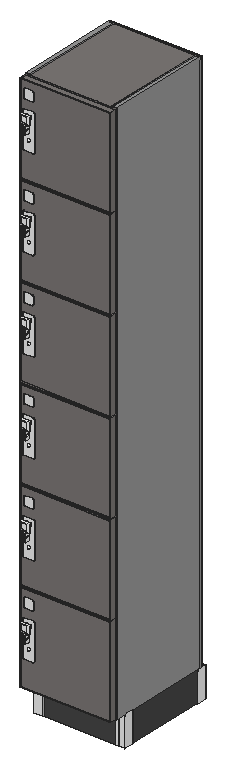
Revit family "Wood_Lockers_Hasps-Salsbury_Industries-46000_Series-1_Wide_Units.rfa", category Specialty Equipment, Revit 2016 (continued)
Definition of nested family "Premier Locker Doors_Hasp"
  Dimensions and locks (in)
    locked: plane 38 "Inner Knob" to plane 39 "Front of Knob" at 0.031
    locked: plane 40 to plane 20 "Top of Lock" at 1.125
    locked: plane 21 "Bottom of Lock" to plane 41 at 1.125
    locked: plane 20 "Top of Lock" to plane 42 at 0.125
    locked: plane 18 "Right Side of Lock" to plane 43 at 0.125
    locked: plane 44 to plane 17 "Left Side of Lock" at 0.125
    plane 42 to plane 45 = 1.250"
    locked: plane 45 to plane 46 "Top of Hole" at 0.125
    plane 48 to plane 30 "Center of Lock" to plane 47 = 0.188" locked, 0.188" locked
    locked: plane 46 "Top of Hole" to plane 49 "Bottom of Hole" at 1.25
    plane 49 "Bottom of Hole" to plane 50 "Stud Alignment" = 0.750"
    locked: plane 42 to plane 51 "Center of Handle" at 0.625
    plane 52 to plane 51 "Center of Handle" to plane 53 = 0.188" locked, 0.188" locked
    plane 7 "Front of Door" to plane 39 "Front of Knob" = 0.750"
    locked: plane 42 to plane 54 at 0.22204
    locked: plane 55 to plane 45 at 0.22204
    locked: plane 7 "Front of Door" to plane 56 "Front of Latch" at 0.625
    locked: plane 57 to plane 58 at 1
    locked: plane 46 "Top of Hole" to plane 57 at 0.1281
    equal spacing: plane 58, plane 59, plane 57
    locked: plane 60 to plane 5 "Right Side of Door" at 0.594
    locked: plane 57 to plane 61 at 0.0599
    locked: plane 62 to plane 58 at 0.06376
    plane 12 "Bottom of Number Tag" to plane 20 "Top of Lock" = 1.1875"
    aligned and locked: level to plane 2
    aligned and locked: Extrusion 5 to plane 11 "Top of Number Tag"
    aligned and locked: plane 12 "Bottom of Number Tag" to Extrusion 5
    aligned and locked: Extrusion 5 to plane 14 "Right Side of Number Tag"
    aligned and locked: Extrusion 5 to plane 13 "Left Side of Number Tag"
    aligned and locked: plane 29 "Back of Number Plate Inset" to Extrusion 5
    aligned and locked: plane 7 "Front of Door" to Extrusion 5
    aligned and locked: plane 29 "Back of Number Plate Inset" to Extrusion 6
    aligned and locked: plane 7 "Front of Door" to Extrusion 6
    aligned and locked: Extrusion 6 to plane 14 "Right Side of Number Tag"
    aligned and locked: Extrusion 6 to plane 13 "Left Side of Number Tag"
    aligned and locked: Extrusion 6 to plane 11 "Top of Number Tag"
    aligned and locked: plane 12 "Bottom of Number Tag" to Extrusion 6
    aligned and locked: curve 9 to Extrusion 8
    aligned and locked: curve 10 to Extrusion 8
    aligned and locked: curve 11 to Extrusion 8
    aligned and locked: Extrusion 7 to curve 12
    aligned and locked: curve 14 to Extrusion 7
    aligned and locked: curve 16 to plane 7 "Front of Door"
    aligned and locked: curve 19 to Extrusion 8  (x2)
    aligned and locked: curve 21 to Extrusion 8
    aligned and locked: curve 18 to curve 22
    aligned and locked: curve 22 to Extrusion 9  (x2)
    aligned and locked: curve 24 to Extrusion 9
    aligned and locked: curve 25 to Extrusion 10
    aligned and locked: curve 26 to Extrusion 10
    aligned and locked: curve 27 to Extrusion 10
    aligned and locked: plane 20 "Top of Lock" to Extrusion 11 sketch curve
    aligned and locked: Extrusion 11 sketch curve to plane 21 "Bottom of Lock"
    aligned and locked: Extrusion 11 to plane 29 "Back of Number Plate Inset"
    aligned and locked: plane 7 "Front of Door" to Extrusion 11
    aligned and locked: Extrusion 3 to Extrusion 11
    aligned and locked: plane 50 "Stud Alignment" to Sweep 14  (x2)
    aligned and locked: Extrusion 15 to plane 7 "Front of Door"
    aligned and locked: Extrusion 15 to plane 22 "Front of Hasp Stud"
    aligned and locked: plane 50 "Stud Alignment" to Extrusion 15
    aligned and locked: Blend 17 to plane 39 "Front of Knob"
    aligned and locked: plane 38 "Inner Knob" to Blend 17
    aligned and locked: plane 6 "Back of Door" to Extrusion 18 sketch curve
    aligned and locked: plane 56 "Front of Latch" to Extrusion 18 sketch curve
    aligned and locked: Extrusion 18 to plane 57
    aligned and locked: plane 58 to Extrusion 18
    aligned and locked: plane 59 to cut or joined group of Extrusion 18, Extrusion 19
    aligned and locked: plane 61 to Extrusion 13 sketch curve  (x2)
    aligned and locked: plane 62 to Extrusion 13 sketch curve  (x2)
  Automatic sketch dimensions
    Extrusion 1 sketch curve to plane 4 "Left Side of Door" = 0.031"
    plane 5 "Right Side of Door" to Extrusion 1 sketch curve = 0.031"
    level to Extrusion 1 sketch curve = 0.031"
    plane 9 "Top of Door" to Extrusion 1 sketch curve = 0.031"
    Extrusion 2 sketch curve to plane 4 "Left Side of Door" = 0.031"
    plane 5 "Right Side of Door" to Extrusion 2 sketch curve = 0.031"
    level to Extrusion 2 sketch curve = 0.031"
    plane 9 "Top of Door" to Extrusion 2 sketch curve = 0.031"
    Extrusion 3 sketch curve to plane 4 "Left Side of Door" = 0.031"
    plane 5 "Right Side of Door" to Extrusion 3 sketch curve = 0.031"
    level to Extrusion 3 sketch curve = 0.031"
    plane 9 "Top of Door" to Extrusion 3 sketch curve = 0.031"
    plane 23 "Left Side of Door-Right Side of Trim" to Sweep 4 sketch curve = 0.000"
    plane 24 "Right Side of Door-Left Side of Trim" to Sweep 4 sketch curve = 0.000"  (x2)
    Sweep 4 sketch curve to plane 26 "Bottom of Door-Top of Trim" = 0.000"
    Sweep 4 sketch curve to plane 25 "Top of Door-Bottom of Trim" = 0.000"
    profile plane to Sweep 4 sketch curve = 0.125"
    Sweep 4 sketch curve to Sweep 4 sketch curve = 0.031"
    Sweep 4 sketch curve to plane 1 "Center (Front/Back)" = 0.375"
    plane 1 "Center (Front/Back)" to Sweep 4 sketch curve = 0.375"
    Extrusion 7 sketch curve to plane 33 = 0.000"
    Extrusion 7 sketch curve to plane 34 = 0.000"
    plane 36 to Extrusion 8 sketch curve = 0.000"
    Extrusion 8 sketch curve to Extrusion 8 sketch curve = 0.500"
    plane 35 "Top Hinge" to Extrusion 8 sketch curve = 0.250"
    Extrusion 8 sketch curve to plane 35 "Top Hinge" = 0.250"
    plane 36 to Extrusion 9 sketch curve = 0.000"
    Extrusion 9 sketch curve to Extrusion 9 sketch curve = 0.500"
    plane 37 "Bottom Hinge" to Extrusion 9 sketch curve = 0.250"
    Extrusion 9 sketch curve to plane 37 "Bottom Hinge" = 0.250"
    plane 36 to Extrusion 10 sketch curve = 0.000"
    Extrusion 10 sketch curve to Extrusion 10 sketch curve = 0.500"
    curve 4 to level = 0.000"
    plane 4 "Left Side of Door" to curve 4 = 0.000"
    plane 5 "Right Side of Door" to curve 3 = 0.000"
    curve 3 to plane 9 "Top of Door" = 0.000"
    Extrusion 5 sketch curve to plane 13 "Left Side of Number Tag" = 0.000"
    Extrusion 5 sketch curve to plane 12 "Bottom of Number Tag" = 0.000"
    Extrusion 5 sketch curve to plane 11 "Top of Number Tag" = 0.000"
    Extrusion 5 sketch curve to plane 14 "Right Side of Number Tag" = 0.000"
    Extrusion 6 sketch curve to plane 13 "Left Side of Number Tag" = 0.000"
    Extrusion 6 sketch curve to plane 12 "Bottom of Number Tag" = 0.000"
    Extrusion 6 sketch curve to plane 11 "Top of Number Tag" = 0.000"
    Extrusion 6 sketch curve to plane 14 "Right Side of Number Tag" = 0.000"
    Extrusion 11 sketch curve to plane 13 "Left Side of Number Tag" = 0.125"
    Extrusion 10 sketch curve to plane 10 "Center of Door" = 0.250"
    plane 10 "Center of Door" to Extrusion 10 sketch curve = 0.250"
    Extrusion 11 sketch curve to plane 21 "Bottom of Lock" = 0.125"
    plane 13 "Left Side of Number Tag" to Extrusion 5 sketch curve = 0.14916"
    Extrusion 5 sketch curve to Extrusion 5 sketch curve = 0.14916"  (x2)
    plane 13 "Left Side of Number Tag" to Extrusion 6 sketch curve = 0.14916"
    Extrusion 6 sketch curve to plane 12 "Bottom of Number Tag" = 0.14916"
    plane 13 "Left Side of Number Tag" to Extrusion 11 sketch curve = 0.000"  (x2)
    Extrusion 5 sketch curve to plane 12 "Bottom of Number Tag" = 0.14916"
    Extrusion 6 sketch curve to plane 14 "Right Side of Number Tag" = 0.14916"  (x2)
    plane 14 "Right Side of Number Tag" to Extrusion 11 sketch curve = 0.000"  (x2)
    Extrusion 12 sketch curve to plane 17 "Left Side of Lock" = 0.000"
    plane 13 "Left Side of Number Tag" to Extrusion 12 sketch curve = 0.000"  (x2)
    plane 14 "Right Side of Number Tag" to Extrusion 12 sketch curve = 0.000"  (x2)
    Extrusion 12 sketch curve to plane 20 "Top of Lock" = 0.000"
    Extrusion 12 sketch curve to plane 18 "Right Side of Lock" = 0.000"
    Extrusion 12 sketch curve to plane 21 "Bottom of Lock" = 0.125"
    plane 15 "Horizontal Center of Number Tag" to Sweep 14 sketch curve = 0.000"
    Sweep 14 sketch curve to plane 50 "Stud Alignment" = 0.000"
    Sweep 14 sketch curve to plane 7 "Front of Door" = 0.000"
    Sweep 14 sketch curve to profile plane = 0.000"
    profile plane to Sweep 14 sketch curve = 0.00168"
    profile plane to Sweep 14 sketch curve = 0.156"
    Sweep 14 sketch curve to plane 7 "Front of Door" = 0.03275"
    Extrusion 15 sketch curve to Extrusion 15 sketch curve = 0.000"  (x2)
    Extrusion 15 sketch curve to plane 50 "Stud Alignment" = 0.000"
    plane 15 "Horizontal Center of Number Tag" to Extrusion 15 sketch curve = 0.000"
    plane 15 "Horizontal Center of Number Tag" to Extrusion 15 sketch curve = 0.010"
    plane 13 "Left Side of Number Tag" to Sweep 16 sketch curve = 0.000"
    plane 14 "Right Side of Number Tag" to Sweep 16 sketch curve = 0.000"
    Sweep 16 sketch curve to plane 45 = 0.000"
    Sweep 16 sketch curve to plane 42 = 0.000"
    Sweep 16 sketch curve to plane 7 "Front of Door" = 0.000"
    profile plane to Sweep 16 sketch curve = 0.000"
    profile plane to Sweep 16 sketch curve = 0.22043"
    Sweep 16 sketch curve to Sweep 16 sketch curve = 0.01681"
    profile plane to Sweep 16 sketch curve = 0.33926"
    Sweep 16 sketch curve to Sweep 16 sketch curve = 0.14344"
    Sweep 16 sketch curve to Sweep 16 sketch curve = 0.15329"
    Sweep 16 sketch curve to Sweep 16 sketch curve = 0.59563"
    Sweep 16 sketch curve to Sweep 16 sketch curve = 0.24142"
    Sweep 16 sketch curve to Sweep 16 sketch curve = 0.00858"
    Sweep 16 sketch curve to Sweep 16 sketch curve = 0.51788"
    Sweep 16 sketch curve to Sweep 16 sketch curve = 0.31119"
    Sweep 16 sketch curve to Sweep 16 sketch curve = 0.11721"
    Sweep 16 sketch curve to Sweep 16 sketch curve = 0.01742"
    Sweep 16 sketch curve to Sweep 16 sketch curve = 0.06553"
    Sweep 16 sketch curve to Sweep 16 sketch curve = 0.000"
    Blend 17 sketch curve to plane 54 = 0.000"
    Blend 17 sketch curve to plane 55 = 0.000"
    Blend 17 sketch curve to plane 47 = 0.21496"
    plane 48 to Blend 17 sketch curve = 0.21496"
    plane 54 to Blend 17 sketch curve = 0.03267"
    Blend 17 sketch curve to plane 40 = 0.00461"
    Blend 17 sketch curve to plane 47 = 0.18235"
    plane 48 to Blend 17 sketch curve = 0.18227"
    Extrusion 18 sketch curve to plane 57 = 0.000"
    Extrusion 18 sketch curve to plane 58 = 0.000"
    plane 59 to Extrusion 19 sketch curve = 0.000"
    Extrusion 19 sketch curve to plane 22 "Front of Hasp Stud" = 0.16637"
    curve 29 to plane 14 "Right Side of Number Tag" = 0.000"
    curve 29 to plane 20 "Top of Lock" = 0.000"
    curve 30 to plane 18 "Right Side of Lock" = 0.000"
    curve 29 to plane 13 "Left Side of Number Tag" = 0.000"
    curve 31 to plane 42 = 0.000"
    curve 32 to plane 21 "Bottom of Lock" = 0.125"
    curve 34 to plane 14 "Right Side of Number Tag" = 0.000"
    curve 35 to plane 13 "Left Side of Number Tag" = 0.000"
    plane 15 "Horizontal Center of Number Tag" to curve 37 = 0.000"
    plane 47 to curve 37 = 0.000"
    plane 57 to curve 37 = 0.0599"
    curve 39 to plane 58 = 0.0661"
    curve 42 to plane 14 "Right Side of Number Tag" = 0.000"
    curve 41 to plane 13 "Left Side of Number Tag" = 0.000"
    curve 41 to plane 45 = 0.000"
    curve 43 to plane 42 = 0.000"
    curve 46 to plane 57 = 0.000"
    curve 46 to plane 15 "Horizontal Center of Number Tag" = 0.063"
    plane 15 "Horizontal Center of Number Tag" to curve 45 = 0.063"
    curve 47 to plane 58 = 0.000"
    curve 15 to plane 6 "Back of Door" = 0.000"
    plane 9 "Top of Door" to curve 15 = 0.000"
    plane 57 to curve 49 = 0.000"
    curve 51 to plane 56 "Front of Latch" = 0.000"
    plane 58 to curve 51 = 0.000"
    curve 17 to level = 0.000"
    plane 59 to curve 52 = 0.000"
    curve 53 to plane 22 "Front of Hasp Stud" = 0.16637"
    plane 7 "Front of Door" to curve 53 = 0.04137"
    plane 53 to curve 54 = 0.05633"
    curve 54 to plane 22 "Front of Hasp Stud" = 0.11642"
    plane 55 to curve 55 = 0.00161"
    curve 55 to plane 40 = 0.00465"
    plane 45 to curve 56 = 0.000"
    curve 56 to plane 39 "Front of Knob" = 0.01788"
    curve 56 to plane 40 = 0.08926"
    plane 55 to curve 57 = 0.000"
    curve 57 to plane 40 = 0.03757"
    plane 39 "Front of Knob" to curve 57 = 0.004"
    plane 42 to curve 60 = 0.000"
    curve 58 to plane 39 "Front of Knob" = 0.000"
    plane 54 to curve 58 = 0.000"
    plane 54 to curve 59 = 0.000"
    plane 55 to curve 58 = 0.000"
    curve 60 to plane 39 "Front of Knob" = 0.01788"
    curve 60 to plane 52 = 0.09774"
    plane 54 to curve 60 = 0.03261"
    plane 56 "Front of Latch" to curve 59 = 0.02711"
    plane 54 to curve 59 = 0.06553"
    plane 39 "Front of Knob" to curve 59 = 0.004"
    curve 61 to plane 54 = 0.00161"
    curve 61 to plane 22 "Front of Hasp Stud" = 0.11642"
    plane 6 "Back of Door" to curve 9 = 0.000"
    curve 6 to plane 4 "Left Side of Door" = 0.000"
    plane 7 "Front of Door" to curve 6 = 0.000"
    plane 7 "Front of Door" to curve 28 = 0.000"
    curve 67 to plane 14 "Right Side of Number Tag" = 0.000"
    curve 65 to plane 13 "Left Side of Number Tag" = 0.000"
    curve 66 to plane 39 "Front of Knob" = 0.000"
    curve 28 to plane 17 "Left Side of Lock" = 0.000"
    curve 28 to plane 18 "Right Side of Lock" = 0.000"
    curve 8 to plane 5 "Right Side of Door" = 0.000"
    curve 64 to plane 22 "Front of Hasp Stud" = 0.11642"
    curve 69 to plane 22 "Front of Hasp Stud" = 0.11642"
    curve 68 to plane 39 "Front of Knob" = 0.01788"
    curve 65 to plane 39 "Front of Knob" = 0.01788"
    curve 14 to plane 23 "Left Side of Door-Right Side of Trim" = 0.07537"
    plane 48 to curve 64 = 0.21657"
    plane 48 to curve 65 = 0.09774"
    plane 48 to curve 63 = 0.05633"
    curve 70 to plane 47 = 0.05633"
    curve 68 to plane 47 = 0.09774"
    curve 69 to curve 69 = 0.16024"
    curve 64 to curve 65 = 0.15655"
    curve 69 to curve 68 = 0.15655"
    plane 39 "Front of Knob" to curve 67 = 0.004"
    plane 33 to curve 14 = 0.250"
    curve 66 to curve 65 = 0.11721"
    curve 67 to plane 47 = 0.14943"
    curve 68 to curve 66 = 0.11721"
    curve 67 to curve 66 = 0.000"
    plane 39 "Front of Knob" to curve 71 = 0.004"
    curve 71 to curve 66 = 0.000"
    plane 48 to curve 71 = 0.14943"
    plane 1 "Center (Front/Back)" to curve 73 = 0.000"
    curve 73 to plane 4 "Left Side of Door" = 0.000"
    curve 73 to plane 60 = 0.000"
    plane 48 to Extrusion 13 sketch curve = 0.000"
    plane 15 "Horizontal Center of Number Tag" to Extrusion 13 sketch curve = 0.000"
    radius of Extrusion 7 sketch curve = 0.250"
    radius of Sweep 14 sketch curve = 0.010"
    radius of Extrusion 19 sketch curve = 0.250"
Definition of nested family "Wood Locker Bases"
  Parameters (values of type "Base - 12" W x 15" D Lockers")
    Width = 12.000"
    Visible Base = yes
    Visible = no
    Model = "Base - 12\" W x 15\" D Lockers"
    Manufacturer = "Salsbury Industries"
    Height = 4.000"
    Depth = 13.250"
    Base Secondary Material = none
    Base Primary Materials = none
    Base Hardware = none
  Types (14): name | Width | Visible Base | Visible | Model | Depth
    (no name) | 12.000" | yes | no | "Base - 12\" W x 15\" D Lockers" | 13.250"
    Base - 12" W x 15" D Lockers | 12.000" | yes | no | "Base - 12\" W x 15\" D Lockers" | 13.250"
    Base - 12" W x 18" D Lockers | 12.000" | yes | no | "Base - 12\" W x 18\" D Lockers" | 16.250"
    Base - 12" W x 21" D Lockers | 12.000" | yes | no | "Base - 12\" W x 21\" D Lockers" | 19.250"
    Base - 36" W x 15" D Lockers | 36.000" | yes | yes | "Base - 36\" W x 15\" D Lockers" | 13.250"
    Base - 36" W x 18" D Lockers | 36.000" | yes | yes | "Base - 36\" W x 18\" D Lockers" | 16.250"
    Base - 36" W x 21" D Lockers | 36.000" | yes | yes | "Base - 36\" W x 21\" D Lockers" | 19.250"
    Base - 15" W x 18" D Lockers | 15.000" | yes | no | "Base - 15\" W x 18\" D Lockers" | 16.250"
    Base - 15" W x 21" D Lockers | 15.000" | yes | no | "Base - 15\" W x 21\" D Lockers" | 19.250"
    Base - 15" W x 24" D Lockers | 15.000" | yes | no | "Base - 15\" W x 24\" D Lockers" | 22.250"
    Base - 45" W x 18" D Lockers | 45.000" | yes | yes | "Base - 45\" W x 18\" D Lockers" | 16.250"
    Base - 45" W x 21" D Lockers | 45.000" | yes | yes | "Base - 45\" W x 21\" D Lockers" | 19.250"
    Base - 45" W x 24" D Lockers | 45.000" | yes | yes | "Base - 45\" W x 24\" D Lockers" | 22.250"
    None | 12.000" | no | no | "Base - 12\" W x 15\" D Lockers" | 13.250"
  Reference planes (in)
    plane 1 "Center (Front/Back)": y = 0
    plane 2: z = 0
    plane 3 "Center (Left/Right)": x = 0
    plane 4 "Left Edge": x = -6
    plane 5 "Right Edge": x = 6
    plane 6 "Back Edge": y = 6.625
    plane 7 "Front Edge": y = -6.625
    plane 8 "Bottom Edge": z = 0
    plane 9 "Top Edge": z = 4
    plane 10: x = -4.75
    plane 11: x = -4.102
    plane 12: y = 6.562
    plane 13: y = 5.8
    plane 14: x = -5.131
    plane 15: x = -5.256
    plane 16: x = -5.937
    plane 17: x = -5.175
    plane 18: y = 4.727
    plane 19: y = 5.375
    plane 20: y = 5.756
    plane 21: y = 5.881
    plane 22: x = -5.931
    plane 23: x = 5.931
    plane 24: y = 6.556
    plane 25: y = -6.556
    plane 26: y = 6.525
    plane 27: y = -6.525
    plane 28: x = -5.9
    plane 29: x = 5.9
    plane 30: x = -2.375
    plane 31: x = 2.375
  Forms (in)
    Extrusion 1, solid, material <- "Base Hardware", visible <- "Visible Base"
      sketch origin (0, 0, 0) x (1, 0, 0) y (0, 1, 0)
        loop
          arc (-5.96712, 6.625) -> (-5.99098, 6.61598) -> (-6, 6.59212) r 0.031
          line (-6, 6.59212) -> (-6, 5.4065)
          arc (-6, 5.4065) -> (-5.9685, 5.375) -> (-5.937, 5.4065) r 0.0315
          line (-5.937, 5.4065) -> (-5.937, 5.756) -> (-5.837, 5.756) -> (-5.837, 5.819) -> (-5.937, 5.819) -> (-5.937, 6.51465) -> (-5.256, 5.83365) -> (-5.256, 5.756) -> (-5.175, 5.756) -> (-5.175, 4.75833)
          arc (-5.175, 4.75833) -> (-5.14367, 4.727) -> (-5.11235, 4.75833) r 0.03133
          line (-5.11235, 4.75833) -> (-5.11235, 5.73703) -> (-4.13348, 5.73703)
          arc (-4.13348, 5.73703) -> (-4.102, 5.76852) -> (-4.13348, 5.8) r 0.03148
          line (-4.13348, 5.8) -> (-5.131, 5.8) -> (-5.131, 5.881) -> (-5.21422, 5.881) -> (-5.89522, 6.562) -> (-5.194, 6.562) -> (-5.194, 6.462) -> (-5.131, 6.462) -> (-5.131, 6.562) -> (-4.7814, 6.562)
          arc (-4.7814, 6.562) -> (-4.7499, 6.5935) -> (-4.7814, 6.625) r 0.0315
          line (-4.7814, 6.625) -> (-5.96712, 6.625)
      from 0 to 4
    Extrusion 2, solid, material <- "Base Hardware", visible <- "Visible Base"
      sketch origin (0, 0, 0) x (-1, 0, 0) y (0, -1, 0)
        loop
          line (-5.96712, -6.625) -> (-4.7814, -6.625)
          arc (-4.7814, -6.625) -> (-4.7499, -6.5935) -> (-4.7814, -6.562) r 0.0315
          line (-4.7814, -6.562) -> (-5.131, -6.562) -> (-5.131, -6.462) -> (-5.194, -6.462) -> (-5.194, -6.562) -> (-5.89522, -6.562) -> (-5.21422, -5.881) -> (-5.131, -5.881) -> (-5.131, -5.8) -> (-4.13348, -5.8)
          arc (-4.13348, -5.8) -> (-4.102, -5.76852) -> (-4.13348, -5.73703) r 0.03148
          line (-4.13348, -5.73703) -> (-5.11235, -5.73703) -> (-5.11235, -4.75833)
          arc (-5.11235, -4.75833) -> (-5.14367, -4.727) -> (-5.175, -4.75833) r 0.03133
          line (-5.175, -4.75833) -> (-5.175, -5.756) -> (-5.256, -5.756) -> (-5.256, -5.83365) -> (-5.937, -6.51465) -> (-5.937, -5.819) -> (-5.837, -5.819) -> (-5.837, -5.756) -> (-5.937, -5.756) -> (-5.937, -5.4065)
          arc (-5.937, -5.4065) -> (-5.9685, -5.375) -> (-6, -5.4065) r 0.0315
          line (-6, -5.4065) -> (-6, -6.59212)
          arc (-6, -6.59212) -> (-5.99098, -6.61598) -> (-5.96712, -6.625) r 0.031
      from 0 to 4
    Extrusion 3, solid, material <- "Base Hardware", visible <- "Visible Base"
      sketch origin (0, 0, 0) x (1, 0, 0) y (0, 1, 0)
        loop
          line (-5.96712, -6.625) -> (-4.7814, -6.625)
          arc (-4.7814, -6.625) -> (-4.7499, -6.5935) -> (-4.7814, -6.562) r 0.0315
          line (-4.7814, -6.562) -> (-5.131, -6.562) -> (-5.131, -6.462) -> (-5.194, -6.462) -> (-5.194, -6.562) -> (-5.89522, -6.562) -> (-5.21422, -5.881) -> (-5.131, -5.881) -> (-5.131, -5.8) -> (-4.13348, -5.8)
          arc (-4.13348, -5.8) -> (-4.102, -5.76852) -> (-4.13348, -5.73703) r 0.03148
          line (-4.13348, -5.73703) -> (-5.11235, -5.73703) -> (-5.11235, -4.75833)
          arc (-5.11235, -4.75833) -> (-5.14367, -4.727) -> (-5.175, -4.75833) r 0.03133
          line (-5.175, -4.75833) -> (-5.175, -5.756) -> (-5.256, -5.756) -> (-5.256, -5.83365) -> (-5.937, -6.51465) -> (-5.937, -5.819) -> (-5.837, -5.819) -> (-5.837, -5.756) -> (-5.937, -5.756) -> (-5.937, -5.4065)
          arc (-5.937, -5.4065) -> (-5.9685, -5.375) -> (-6, -5.4065) r 0.0315
          line (-6, -5.4065) -> (-6, -6.59212)
          arc (-6, -6.59212) -> (-5.99098, -6.61598) -> (-5.96712, -6.625) r 0.031
      from 0 to 4
    Extrusion 4, solid, material <- "Base Hardware", visible <- "Visible Base"
      sketch origin (0, 0, 0) x (-1, 0, 0) y (0, -1, 0)
        loop
          arc (-5.96712, 6.625) -> (-5.99098, 6.61598) -> (-6, 6.59212) r 0.031
          line (-6, 6.59212) -> (-6, 5.4065)
          arc (-6, 5.4065) -> (-5.9685, 5.375) -> (-5.937, 5.4065) r 0.0315
          line (-5.937, 5.4065) -> (-5.937, 5.756) -> (-5.837, 5.756) -> (-5.837, 5.819) -> (-5.937, 5.819) -> (-5.937, 6.51465) -> (-5.256, 5.83365) -> (-5.256, 5.756) -> (-5.175, 5.756) -> (-5.175, 4.75833)
          arc (-5.175, 4.75833) -> (-5.14367, 4.727) -> (-5.11235, 4.75833) r 0.03133
          line (-5.11235, 4.75833) -> (-5.11235, 5.73703) -> (-4.13348, 5.73703)
          arc (-4.13348, 5.73703) -> (-4.102, 5.76852) -> (-4.13348, 5.8) r 0.03148
          line (-4.13348, 5.8) -> (-5.131, 5.8) -> (-5.131, 5.881) -> (-5.21422, 5.881) -> (-5.89522, 6.562) -> (-5.194, 6.562) -> (-5.194, 6.462) -> (-5.131, 6.462) -> (-5.131, 6.562) -> (-4.7814, 6.562)
          arc (-4.7814, 6.562) -> (-4.7499, 6.5935) -> (-4.7814, 6.625) r 0.0315
          line (-4.7814, 6.625) -> (-5.96712, 6.625)
      from 0 to 4
    Extrusion 5, solid, material <- "Base Secondary Material", visible <- "Visible Base"
      sketch origin (0, 0, 0) x (0, -1, 0) y (1, 0, 0)
        loop
          line (-5.756, 5.9) -> (-5.756, 5.181) -> (5.75697, 5.181) -> (5.75697, 5.9) -> (-5.756, 5.9)
      from 0 to 4
    Extrusion 6, solid, material <- "Base Secondary Material", visible <- "Visible Base"
      sketch origin (0, 0, 0) x (0, -1, 0) y (1, 0, 0)
        loop
          line (-5.756, -5.9) -> (5.75697, -5.9) -> (5.75697, -5.181) -> (-5.756, -5.181) -> (-5.756, -5.9)
      from 0 to 4
    Extrusion 7, solid, material <- "Base Secondary Material", visible <- "Visible Base"
      sketch origin (-2.05521, 0.625, 0) x (1, 0, 0) y (0, 1, 0)
        loop
          line (-3.07579, 5.9) -> (-3.07579, 5.181) -> (7.18621, 5.181) -> (7.18621, 5.9) -> (-3.07579, 5.9)
      from 0 to 4
    Extrusion 8, solid, material <- "Base Secondary Material", visible <- "Visible Base"
      sketch origin (-2.05521, -0.625, 0) x (1, 0, 0) y (0, 1, 0)
        loop
          line (-3.07579, -5.9) -> (7.18621, -5.9) -> (7.18621, -5.181) -> (-3.07579, -5.181) -> (-3.07579, -5.9)
      from 0 to 4
    Extrusion 9, solid, material <- "Base Primary Materials", visible <- "Visible Base"
      sketch origin (0.76452, 0, 0) x (0, -1, 0) y (1, 0, 0)
        loop
          line (-5.756, 5.16648) -> (-5.756, 5.13548) -> (5.75697, 5.13548) -> (5.75697, 5.16648) -> (-5.756, 5.16648)
      from 0 to 4
    Extrusion 10, solid, material <- "Base Primary Materials", visible <- "Visible Base"
      sketch origin (-0.719, 0, 0) x (0, -1, 0) y (1, 0, 0)
        loop
          line (-5.756, -5.212) -> (5.75697, -5.212) -> (5.75697, -5.181) -> (-5.756, -5.181) -> (-5.756, -5.212)
      from 0 to 4
    Extrusion 11, solid, material <- "Base Primary Materials", visible <- "Visible Base"
      sketch origin (-2.05521, 1.344, 0) x (1, 0, 0) y (0, 1, 0)
        loop
          line (-3.07579, 5.218) -> (-3.07579, 5.181) -> (7.18621, 5.181) -> (7.18621, 5.218) -> (-3.07579, 5.218)
      from 0 to 4
    Extrusion 12, solid, material <- "Base Primary Materials", visible <- "Visible Base"
      sketch origin (-2.05521, -1.344, 0) x (1, 0, 0) y (0, 1, 0)
        loop
          line (-3.07579, -5.212) -> (7.18621, -5.212) -> (7.18621, -5.181) -> (-3.07579, -5.181) -> (-3.07579, -5.212)
      from 0 to 4
    Extrusion 13, solid, material <- "Base Secondary Material", visible <- "Visible"
      sketch origin (0, 0, 4) x (0, -1, 0) y (1, 0, 0)
        loop
          line (-5.806, -2.375) -> (5.806, -2.375) -> (5.806, 2.375) -> (-5.806, 2.375) -> (-5.806, -2.375)
      from 0 to -0.75
    Extrusion 14, solid, material <- "Base Secondary Material", visible <- "Visible"
      sketch origin (0, 0, 0) x (0, -1, 0) y (1, 0, 0)
        loop
          line (-5.806, -2.375) -> (-5.056, -2.375) -> (-5.056, 2.375) -> (-5.806, 2.375) -> (-5.806, -2.375)
      from 0 to 3.25
    Extrusion 15, solid, material <- "Base Secondary Material", visible <- "Visible"
      sketch origin (0, 0, 0) x (0, 1, 0) y (-1, 0, 0)
        loop
          line (-5.806, 2.375) -> (-5.806, -2.375) -> (-5.056, -2.375) -> (-5.056, 2.375) -> (-5.806, 2.375)
      from 0 to 3.25
  Dimensions and locks (in)
    equal spacing: plane 4 "Left Edge", plane 3 "Center (Left/Right)", plane 5 "Right Edge"
    "Width": plane 4 "Left Edge" to plane 5 "Right Edge"
    equal spacing: plane 7 "Front Edge", plane 1 "Center (Front/Back)", plane 6 "Back Edge"
    "Depth": plane 7 "Front Edge" to plane 6 "Back Edge"
    "Height": plane 9 "Top Edge" to plane 8 "Bottom Edge"
    locked: plane 4 "Left Edge" to plane 10 at 1.25
    locked: plane 4 "Left Edge" to plane 11 at 1.898
    locked: plane 12 to plane 6 "Back Edge" at 0.063
    plane 14 to plane 10 = 0.381"
    locked: plane 12 to plane 13 at 0.762
    locked: plane 4 "Left Edge" to plane 16 at 0.063
    locked: plane 16 to plane 17 at 0.762
    locked: plane 19 to plane 6 "Back Edge" at 1.25
    locked: plane 18 to plane 6 "Back Edge" at 1.898
    plane 15 to plane 17 = 0.081"
    plane 21 to plane 13 = 0.081"
    plane 19 to plane 20 = 0.381"
    plane 24 to plane 6 "Back Edge" = 0.069"
    plane 7 "Front Edge" to plane 25 = 0.069"
    plane 23 to plane 5 "Right Edge" = 0.069"
    plane 4 "Left Edge" to plane 22 = 0.069"
    plane 26 to plane 24 = 0.031"
    plane 25 to plane 27 = 0.031"
    plane 22 to plane 28 = 0.031"
    plane 29 to plane 23 = 0.031"
    plane 30 to plane 3 "Center (Left/Right)" to plane 31 = 2.375" locked, 2.375" locked
    aligned and locked: level to plane 2
    aligned and locked: plane 30 to Extrusion 13
    aligned and locked: plane 30 to Extrusion 14
    aligned and locked: plane 30 to Extrusion 15
    aligned and locked: Extrusion 13 to plane 31
    aligned and locked: Extrusion 14 to plane 31
    aligned and locked: Extrusion 15 to plane 31
  Automatic sketch dimensions
    Extrusion 1 sketch curve to plane 4 "Left Edge" = 0.000"
    plane 6 "Back Edge" to Extrusion 1 sketch curve = 0.000"
    Extrusion 1 sketch curve to plane 16 = 0.000"  (x2)
    Extrusion 1 sketch curve to plane 12 = 0.000"  (x2)
    plane 20 to Extrusion 1 sketch curve = 0.000"  (x2)
    Extrusion 1 sketch curve to plane 15 = 0.000"
    plane 21 to Extrusion 1 sketch curve = 0.000"
    Extrusion 1 sketch curve to plane 17 = 0.000"
    Extrusion 1 sketch curve to plane 14 = 0.000"  (x2)
    Extrusion 1 sketch curve to plane 13 = 0.000"
    Extrusion 1 sketch curve to plane 4 "Left Edge" = 0.03094"
    plane 16 to Extrusion 1 sketch curve = 0.03012"
    Extrusion 1 sketch curve to plane 28 = 0.00478"
    Extrusion 1 sketch curve to plane 28 = 0.063"
    plane 17 to Extrusion 1 sketch curve = 0.03922"
    plane 17 to Extrusion 1 sketch curve = 0.019"
    plane 14 to Extrusion 1 sketch curve = 0.01267"
    plane 10 to Extrusion 1 sketch curve = 0.0314"
    plane 11 to Extrusion 1 sketch curve = 0.03148"
    plane 20 to Extrusion 1 sketch curve = 0.01897"
    Extrusion 1 sketch curve to plane 19 = 0.0315"
    Extrusion 1 sketch curve to plane 18 = 0.03133"
    plane 13 to Extrusion 1 sketch curve = 0.019"
    plane 13 to Extrusion 1 sketch curve = 0.03365"
    plane 26 to Extrusion 1 sketch curve = 0.063"
    plane 26 to Extrusion 1 sketch curve = 0.01035"
    plane 12 to Extrusion 1 sketch curve = 0.03012"
    Extrusion 2 sketch curve to plane 5 "Right Edge" = 0.000"
    plane 6 "Back Edge" to Extrusion 2 sketch curve = 0.000"
    plane 20 to Extrusion 2 sketch curve = 0.000"  (x2)
    plane 12 to Extrusion 2 sketch curve = 0.000"  (x2)
    plane 21 to Extrusion 2 sketch curve = 0.000"
    plane 13 to Extrusion 2 sketch curve = 0.000"
    Extrusion 2 sketch curve to plane 5 "Right Edge" = 0.03094"
    Extrusion 2 sketch curve to Extrusion 2 sketch curve = 0.0315"
    Extrusion 2 sketch curve to Extrusion 2 sketch curve = 0.00194"
    plane 23 to Extrusion 2 sketch curve = 0.006"
    Extrusion 2 sketch curve to plane 29 = 0.00478"
    Extrusion 2 sketch curve to plane 29 = 0.063"
    Extrusion 2 sketch curve to plane 13 = 0.03365"
    Extrusion 2 sketch curve to Extrusion 2 sketch curve = 0.581"
    Extrusion 2 sketch curve to Extrusion 2 sketch curve = 0.04178"
    Extrusion 2 sketch curve to plane 26 = 0.063"
    Extrusion 2 sketch curve to Extrusion 2 sketch curve = 0.02022"
    plane 18 to Extrusion 2 sketch curve = 0.03133"
    Extrusion 2 sketch curve to plane 29 = 0.725"
    Extrusion 2 sketch curve to Extrusion 2 sketch curve = 0.03133"
    Extrusion 2 sketch curve to Extrusion 2 sketch curve = 0.063"
    Extrusion 2 sketch curve to Extrusion 2 sketch curve = 0.08322"
    Extrusion 2 sketch curve to Extrusion 2 sketch curve = 0.3496"
    Extrusion 2 sketch curve to Extrusion 2 sketch curve = 0.97886"
    plane 19 to Extrusion 2 sketch curve = 0.0315"
    Extrusion 2 sketch curve to plane 20 = 0.01897"
    Extrusion 2 sketch curve to plane 13 = 0.019"
    Extrusion 2 sketch curve to plane 26 = 0.01035"
    Extrusion 2 sketch curve to plane 12 = 0.03012"
    Extrusion 3 sketch curve to plane 4 "Left Edge" = 0.000"
    plane 7 "Front Edge" to Extrusion 3 sketch curve = 0.000"
    Extrusion 3 sketch curve to plane 16 = 0.000"  (x2)
    Extrusion 3 sketch curve to plane 15 = 0.000"
    Extrusion 3 sketch curve to plane 17 = 0.000"
    Extrusion 3 sketch curve to plane 14 = 0.000"  (x2)
    plane 4 "Left Edge" to Extrusion 3 sketch curve = 0.03094"
    Extrusion 3 sketch curve to plane 16 = 0.03012"
    plane 28 to Extrusion 3 sketch curve = 0.00478"
    plane 28 to Extrusion 3 sketch curve = 0.063"
    Extrusion 3 sketch curve to plane 17 = 0.03922"
    Extrusion 3 sketch curve to plane 17 = 0.019"
    Extrusion 3 sketch curve to plane 14 = 0.01267"
    Extrusion 3 sketch curve to plane 25 = 0.006"  (x2)
    Extrusion 3 sketch curve to plane 10 = 0.0314"
    Extrusion 3 sketch curve to plane 11 = 0.03148"
    plane 27 to Extrusion 3 sketch curve = 0.01035"
    plane 27 to Extrusion 3 sketch curve = 0.063"
    Extrusion 3 sketch curve to Extrusion 3 sketch curve = 0.581"
    Extrusion 3 sketch curve to Extrusion 3 sketch curve = 0.04735"
    Extrusion 3 sketch curve to Extrusion 3 sketch curve = 0.01465"
    Extrusion 3 sketch curve to Extrusion 3 sketch curve = 0.081"
    Extrusion 3 sketch curve to Extrusion 3 sketch curve = 0.03148"
    Extrusion 3 sketch curve to Extrusion 3 sketch curve = 0.044"
    Extrusion 3 sketch curve to Extrusion 3 sketch curve = 0.063"
    Extrusion 3 sketch curve to Extrusion 3 sketch curve = 0.3495"
    Extrusion 3 sketch curve to Extrusion 3 sketch curve = 0.97871"
    plane 7 "Front Edge" to Extrusion 3 sketch curve = 0.03288"
    Extrusion 4 sketch curve to plane 5 "Right Edge" = 0.000"
    plane 7 "Front Edge" to Extrusion 4 sketch curve = 0.000"
    plane 5 "Right Edge" to Extrusion 4 sketch curve = 0.03094"
    Extrusion 4 sketch curve to Extrusion 4 sketch curve = 0.0315"
    Extrusion 4 sketch curve to Extrusion 4 sketch curve = 0.00194"
    Extrusion 4 sketch curve to plane 23 = 0.006"
    plane 29 to Extrusion 4 sketch curve = 0.00478"
    plane 29 to Extrusion 4 sketch curve = 0.063"
    Extrusion 4 sketch curve to Extrusion 4 sketch curve = 0.581"
    Extrusion 4 sketch curve to Extrusion 4 sketch curve = 0.04178"
    Extrusion 4 sketch curve to plane 27 = 0.063"
    Extrusion 4 sketch curve to Extrusion 4 sketch curve = 0.02022"
    plane 29 to Extrusion 4 sketch curve = 0.725"
    Extrusion 4 sketch curve to Extrusion 4 sketch curve = 0.03133"
    Extrusion 4 sketch curve to Extrusion 4 sketch curve = 0.063"  (x2)
    Extrusion 4 sketch curve to Extrusion 4 sketch curve = 0.08322"
    plane 25 to Extrusion 4 sketch curve = 0.006"  (x2)
    Extrusion 4 sketch curve to Extrusion 4 sketch curve = 0.3496"
    Extrusion 4 sketch curve to plane 27 = 0.725"
    Extrusion 4 sketch curve to Extrusion 4 sketch curve = 0.97886"
    Extrusion 4 sketch curve to Extrusion 4 sketch curve = 0.03148"
    Extrusion 4 sketch curve to Extrusion 4 sketch curve = 0.044"
    Extrusion 4 sketch curve to Extrusion 4 sketch curve = 0.000"
    Extrusion 4 sketch curve to Extrusion 4 sketch curve = 0.3495"
    Extrusion 4 sketch curve to Extrusion 4 sketch curve = 0.97871"
    Extrusion 4 sketch curve to Extrusion 4 sketch curve = 0.07765"
    Extrusion 4 sketch curve to Extrusion 4 sketch curve = 0.081"
    Extrusion 4 sketch curve to plane 27 = 0.01035"
    Extrusion 4 sketch curve to plane 7 "Front Edge" = 0.03288"
    plane 20 to Extrusion 5 sketch curve = 0.000"
    Extrusion 5 sketch curve to plane 29 = 0.000"
    Extrusion 5 sketch curve to plane 27 = 0.76803"
    plane 29 to Extrusion 5 sketch curve = 0.719"
    plane 20 to Extrusion 6 sketch curve = 0.000"
    Extrusion 6 sketch curve to plane 28 = 0.000"
    plane 27 to Extrusion 6 sketch curve = 0.76803"
    Extrusion 6 sketch curve to plane 17 = 0.006"
    Extrusion 7 sketch curve to plane 14 = 0.000"
    plane 26 to Extrusion 7 sketch curve = 0.000"
    plane 29 to Extrusion 7 sketch curve = 0.769"
    plane 13 to Extrusion 7 sketch curve = 0.006"
    Extrusion 8 sketch curve to plane 14 = 0.000"
    plane 27 to Extrusion 8 sketch curve = 0.000"
    Extrusion 8 sketch curve to plane 29 = 0.769"
    plane 27 to Extrusion 8 sketch curve = 0.719"
    plane 20 to Extrusion 9 sketch curve = 0.000"
    Extrusion 9 sketch curve to plane 23 = 0.000"
    Extrusion 9 sketch curve to plane 29 = 0.000"
    Extrusion 9 sketch curve to plane 27 = 0.76803"
    plane 20 to Extrusion 10 sketch curve = 0.000"
    Extrusion 10 sketch curve to plane 22 = 0.000"
    Extrusion 10 sketch curve to plane 28 = 0.000"
    plane 27 to Extrusion 10 sketch curve = 0.76803"
    Extrusion 11 sketch curve to plane 14 = 0.000"
    plane 12 to Extrusion 11 sketch curve = 0.000"
    plane 26 to Extrusion 11 sketch curve = 0.000"
    plane 29 to Extrusion 11 sketch curve = 0.769"
    Extrusion 12 sketch curve to plane 14 = 0.000"
    plane 25 to Extrusion 12 sketch curve = 0.000"
    plane 27 to Extrusion 12 sketch curve = 0.000"
    Extrusion 12 sketch curve to plane 29 = 0.769"
    plane 13 to Extrusion 13 sketch curve = 0.006"
    Extrusion 13 sketch curve to plane 27 = 0.719"
    Extrusion 13 sketch curve to plane 11 = 1.727"
    plane 3 "Center (Left/Right)" to Extrusion 13 sketch curve = 2.375"
    plane 13 to Extrusion 14 sketch curve = 0.006"
    plane 19 to Extrusion 14 sketch curve = 0.319"
    Extrusion 14 sketch curve to plane 11 = 1.727"
    plane 3 "Center (Left/Right)" to Extrusion 14 sketch curve = 2.375"
    plane 27 to Extrusion 15 sketch curve = 0.719"
    Extrusion 15 sketch curve to Extrusion 15 sketch curve = 0.750"
    plane 11 to Extrusion 15 sketch curve = 1.727"
    Extrusion 15 sketch curve to plane 3 "Center (Left/Right)" = 2.375"
Definition of nested family "Wood Locker Sloping Hoods"
  Parameters (values of type "44359 - for 15" Deep Lockers (3 Wide)")
    Width = 36.000"
    Visible = yes
    Version = "1.0 (12/15/23)"
    Type Comments = "Sloping Hood for Premier Wood Lockers"
    Model = "44359"
    Manufacturer = "Salsbury Industries"
    Laminate Surface = none
    Height = 5.743"
    Description = "For 15\" D - 3 Wide Lockers"
    Depth = 14.625"
  Types (20): name | Width | Visible | Version | Type Comments | Model | Manufacturer | Height | Description | Depth
    (no name) | 36.000" | yes | "1.0 (12/15/23)" | "Sloping Hood for Premier Wood Lockers" | "44359" | "Salsbury Industries" | 5.743" | "For 15\" D - 3 Wide Lockers" | 14.625"
    44357 - for 15" Deep Lockers (1 Wide) | 12.000" | yes | "1.0 (12/15/23)" | "Sloping Hood for Premier Wood Lockers" | "44357" | "Salsbury Industries" | 5.743" | "For 15\" D - 1 Wide Lockers" | 14.625"
    44353 - for 18" Deep Lockers (1 Wide) | 12.000" | yes | "1.0 (12/15/23)" | "Sloping Hood for Premier Wood Lockers" | "44353" | "Salsbury Industries" | 6.868" | "For 18\" D - 1 Wide Lockers" | 17.625"
    44352 - for 21" Deep Lockers (1 Wide) | 12.000" | yes | "1.0 (12/15/23)" | "Sloping Hood for Premier Wood Lockers" | "44352" | "Salsbury Industries" | 7.993" | "For 21\" D - 1 Wide Lockers" | 20.625"
    44359 - for 15" Deep Lockers (3 Wide) | 36.000" | yes | "1.0 (12/15/23)" | "Sloping Hood for Premier Wood Lockers" | "44359" | "Salsbury Industries" | 5.743" | "For 15\" D - 3 Wide Lockers" | 14.625"
    44356 - for 18" Deep Lockers (3 Wide) | 36.000" | yes | "1.0 (12/15/23)" | "Sloping Hood for Premier Wood Lockers" | "44356" | "Salsbury Industries" | 6.868" | "For 18\" D - 3 Wide Lockers" | 17.625"
    44354 - for 21" Deep Lockers (3 Wide) | 36.000" | yes | "1.0 (12/15/23)" | "Sloping Hood for Premier Wood Lockers" | "44354" | "Salsbury Industries" | 7.993" | "For 21\" D - 3 Wide Lockers" | 20.625"
    44255 - for 24" Deep Lockers (1 Wide) | 15.000" | yes | "1.0 (12/15/23)" | "Sloping Hood for Premier Wood Lockers" | "44255" | "Salsbury Industries" | 9.118" | "For 24\" D - 1 Wood Lockers" | 23.625"
    442257 - for 24" Deep Lockers (3 Wide) | 45.000" | yes | "1.0 (12/15/23)" | "Sloping Hood for Premier Wod Lockers" | "44257" | "Salsbury Industries" | 9.118" | "For 24\" D - 3 Wide Lockers" | 23.625"
    44252 - for 21" Deep Lockers (1 Wide) | 15.000" | yes | "1.0 (12/15/23)" | "Sloping Hood for 15\" Wide Premier Wood Lockers" | "44252" | "Salsbury Industries" | 7.993" | "For 21\" D - 1 Wide Lockers" | 20.625"
    44254 - for 21" Deep Lockers (3 Wide) | 45.000" | yes | "1.0 (12/15/23)" | "Sloping Hood for 15\" Wide Premier Wood Lockers" | "44254" | "Salsbury Industries" | 7.993" | "For 21\" D - 3 Wide Lockers" | 20.625"
    44251 - for 18" Deep Lockers (1 Wide) | 15.000" | yes | "1.0 (12/15/23)" | "Sloping Hood for 15\"Wide Premier Wood Lockers" | "44251" | "Salsbury Industries" | 6.868" | "For 18\" D - 1 Wide Lockers" | 17.625"
    44253 - for 18" Deep Lockers (3 Wide) | 45.000" | yes | "1.0 (12/15/23)" | "Sloping Hood for 15\" Wide Premier Wood Lockers" | "44253" | "Salsbury Industries" | 6.868" | "For 18\" D - 3 Wide Lockers" | 17.625"
    None | 12.000" | no | "" | "" | "" | "" | 5.743" | "" | 14.625"
    44818 - for 18" Deep Lockers (1 Wide) | 18.000" | yes | "1.0 (12/15/23)" | "Sloping Hood for Premier Wood Lockers" | "44818" | "Salsbury Industries" | 6.868" | "For 18\" D - 1 Wide Lockers" | 17.625"
    44811- for 21" Deep Lockers (1 Wide) | 18.000" | yes | "1.0 (12/15/23)" | "Sloping Hood for Premier Wood Lockers" | "44811" | "Salsbury Industries" | 7.993" | "For 21\" D - 1 Wide Lockers" | 20.625"
    44814- for 24" Deep Lockers (1 Wide) | 18.000" | yes | "1.0 (12/15/23)" | "Sloping Hood for Premier Wood Lockers" | "44814" | "Salsbury Industries" | 9.118" | "For 24\" D - 1 Wide Lockers" | 23.625"
    44838- for 18" Deep Lockers (3 Wide) | 54.000" | yes | "1.0 (12/15/23)" | "Sloping Hood for Premier Wood Lockers" | "44838" | "Salsbury Industries" | 6.868" | "For 18\" D - 3 Wide Lockers" | 17.625"
    44831- for 21" Deep Lockers (3 Wide) | 54.000" | yes | "1.0 (12/15/23)" | "Sloping Hood for Premier Wood Lockers" | "44831" | "Salsbury Industries" | 7.993" | "For 21\" D - 3 Wide Lockers" | 20.625"
    44834- for 24" Deep Lockers (3 Wide) | 54.000" | yes | "1.0 (12/15/23)" | "Sloping Hood for Premier Wood Lockers" | "834" | "Salsbury Industries" | 9.118" | "For 24\" D - 3 Wide Lockers" | 23.625"
  Reference planes (in)
    plane 1 "Center (Front/Back)": y = 0
    plane 2: z = 0
    plane 3 "Center (Left/Right)": x = 0
    plane 4 "Front of Hood": y = -7.3125
    plane 5 "Back of Hood": y = 7.3125
    plane 6 "Right Side of Hood": x = 18
    plane 7 "Left Side of Hood": x = -18
    plane 8 "Bottom of Hood": z = 0
    plane 9 "Top of Hood": z = 5.743
    plane 10: x = 17.25
    plane 11: x = -17.25
    plane 12: y = -7.2815
    plane 13: y = -6.5625
    plane 14: z = 5.712
    plane 15: z = 4.993
    plane 16: z = 0.062
    plane 17: z = 0.75
  Forms (in)
    Extrusion 1, solid, visible <- "Visible"
      sketch origin (18, 0.37227, 0) x (0, -1, 0) y (0, 0, 1)
        loop
          line (-0.25, 2.38027) -> (-0.25, 0) -> (0.37227, 0) -> (0.37227, 2.13726) -> (-0.25, 2.38027)
      from 0 to 36
    Extrusion 2, solid, visible <- "Visible"
      sketch origin (0, 0, 0) x (0, 1, 0) y (0, 0, 1)
        loop
          line (-5.47273, 0) -> (7.3125, 4.993) -> (7.3125, 5.712) -> (-7.23269, 0.062) -> (-7.2815, 0.062) -> (-7.2815, 0) -> (-5.47273, 0)
      from -18 to 18
    Extrusion 3, solid, material <- "Laminate Surface", visible <- "Visible"
      sketch origin (0, 0, 0) x (0, 1, 0) y (0, 0, 1)
        loop
          line (-7.3125, 0.062) -> (-7.3125, 0) -> (-7.2815, 0) -> (-7.2815, 0.062) -> (-7.3125, 0.062)
      from -18 to 18
    Extrusion 4, solid, material <- "Laminate Surface", visible <- "Visible"
      sketch origin (0, 0, 0) x (0, 1, 0) y (0, 0, 1)
        loop
          line (7.3125, 5.743) -> (-7.3125, 0.062) -> (-7.23269, 0.062) -> (7.3125, 5.712) -> (7.3125, 5.743)
      from -18 to 18
  Dimensions and locks (in)
    equal spacing: plane 7 "Left Side of Hood", plane 3 "Center (Left/Right)", plane 6 "Right Side of Hood"
    "Width": plane 7 "Left Side of Hood" to plane 6 "Right Side of Hood"
    equal spacing: plane 4 "Front of Hood", plane 1 "Center (Front/Back)", plane 5 "Back of Hood"
    "Depth": plane 4 "Front of Hood" to plane 5 "Back of Hood"
    "Height": plane 9 "Top of Hood" to plane 8 "Bottom of Hood"
    plane 7 "Left Side of Hood" to plane 11 = 0.750"
    plane 10 to plane 6 "Right Side of Hood" = 0.750"
    plane 4 "Front of Hood" to plane 12 to plane 13 = 0.031" locked, 0.719" locked
    plane 15 to plane 14 to plane 9 "Top of Hood" = 0.719" locked, 0.031" locked
    locked: plane 16 to plane 8 "Bottom of Hood" at 0.062
    locked: plane 17 to plane 8 "Bottom of Hood" at 0.75
    aligned and locked: level to plane 2
    aligned and locked: Extrusion 2 to plane 6 "Right Side of Hood"
    aligned and locked: plane 7 "Left Side of Hood" to Extrusion 2
    aligned and locked: plane 7 "Left Side of Hood" to Extrusion 4
    aligned and locked: Extrusion 4 to plane 6 "Right Side of Hood"
    aligned and locked: Extrusion 3 to plane 6 "Right Side of Hood"
    aligned and locked: plane 7 "Left Side of Hood" to Extrusion 3
    aligned and locked: Extrusion 2 to Extrusion 1 sketch curve
    aligned and locked: plane 7 "Left Side of Hood" to Extrusion 1
    aligned and locked: Extrusion 1 to plane 6 "Right Side of Hood"
  Automatic sketch dimensions
    Extrusion 3 sketch curve to level = 0.000"
    Extrusion 3 sketch curve to plane 4 "Front of Hood" = 0.000"
    Extrusion 3 sketch curve to plane 12 = 0.000"
    plane 16 to Extrusion 3 sketch curve = 0.000"
    Extrusion 4 sketch curve to plane 4 "Front of Hood" = 0.000"
    plane 16 to Extrusion 4 sketch curve = 0.000"
    Extrusion 4 sketch curve to plane 5 "Back of Hood" = 0.000"
    plane 14 to Extrusion 4 sketch curve = 0.000"
    plane 9 "Top of Hood" to Extrusion 4 sketch curve = 0.000"
    Extrusion 4 sketch curve to plane 12 = 0.04881"
    Extrusion 2 sketch curve to level = 0.000"
    Extrusion 2 sketch curve to plane 12 = 0.000"
    plane 16 to Extrusion 2 sketch curve = 0.000"
    Extrusion 2 sketch curve to plane 5 "Back of Hood" = 0.000"
    plane 15 to Extrusion 2 sketch curve = 0.000"
    plane 14 to Extrusion 2 sketch curve = 0.000"
    Extrusion 2 sketch curve to plane 13 = 1.08977"
    Extrusion 2 sketch curve to plane 12 = 0.04881"
    Extrusion 1 sketch curve to level = 0.000"
    Extrusion 1 sketch curve to plane 1 "Center (Front/Back)" = 0.000"
    Extrusion 1 sketch curve to Extrusion 1 sketch curve = 0.24302"
Definition of nested family "Wood Locker Sloping Corner Fillers"
  Parameters (values of type "44487 - for 15" D Lockers")
    Width = 16.875"
    Visible = yes
    Version = "1.0 (12/15/23)"
    Type Comments = "Sloping Hood Corner Filler for Premier Wood Lockers"
    Model = "44487"
    Manufacturer = "Salsbury Industries"
    Laminate Surface = none
    Height = 5.743"
    Description = "For 15\" D Lockers"
    Depth = 16.875"
  Types (6): name | Width | Visible | Version | Type Comments | Model | Manufacturer | Height | Description | Depth
    (no name) | 16.875" | yes | "1.0 (12/15/23)" | "Sloping Hood Corner Filler for Premier Wood Lockers" | "44487" | "Salsbury Industries" | 5.743" | "For 15\" D Lockers" | 16.875"
    44487 - for 15" D Lockers | 16.875" | yes | "1.0 (12/15/23)" | "Sloping Hood Corner Filler for Premier Wood Lockers" | "44487" | "Salsbury Industries" | 5.743" | "For 15\" D Lockers" | 16.875"
    44488 - for 18" D Lockers | 19.875" | yes | "1.0 (12/15/23)" | "Sloping Hood Corner Filler for Premier Wood Lockers" | "44488" | "Salsbury Industries" | 6.868" | "For 18\" D Lockers" | 19.875"
    44481- for 21" D Lockers | 22.875" | yes | "1.0 (12/15/23)" | "Sloping Hood Corner Filler for Premier Wood Lockers" | "44481" | "Salsbury Industries" | 7.993" | "For 21\" D Lockers" | 22.875"
    44489- for 24" D Lockers | 25.875" | yes | "1.0 (12/15/23)" | "Sloping Hood Corner Filler for Premier Wood Lockers" | "44489" | "Salsbury Industries" | 9.118" | "For 24\" D Lockers" | 25.875"
    None | 16.875" | no | "" | "" | "" | "" | 5.743" | "" | 16.875"
  Reference planes (in)
    plane 1 "Center (Front/Back)": y = -0.8125
    plane 2: z = 0
    plane 3 "Center (Left/Right)": x = 0.8125
    plane 4 "Front of Hood": y = -7
    plane 5 "Right Side of Hood": x = 7
    plane 6 "Bottom of Hood": z = 0
    plane 7 "Black Trim Line": y = -6.969
    plane 8: z = 0.062
    plane 9: z = 0.75
    plane 10 "New Back of Hood": y = 7.625
    plane 11 "New Front of Hood": y = -9.25
    plane 12 "New Left Side": x = -7.625
    plane 13 "New Right Side": x = 9.25
    plane 14 "Top": z = 5.743
    plane 15: x = 6.969
  Forms (in)
    Extrusion 1, solid, visible <- "Visible"
      sketch origin (0.8125, 0, 0) x (0, 1, 0) y (0, 0, 1)
        loop
          line (-5.16023, 0) -> (7.625, 4.99437) -> (7.625, 5.712) -> (-6.92019, 0.062) -> (-6.969, 0.062) -> (-6.969, 0) -> (-5.16023, 0)
      from -8.4375 to 8.4375
    Extrusion 2, solid, material <- "Laminate Surface", visible <- "Visible"
      sketch origin (0.8125, 0, 0.00023) x (0, 1, 0) y (0, 0, 1)
        loop
          line (7.625, 5.74277) -> (-7, 0.06177) -> (-6.92019, 0.06177) -> (7.625, 5.71177) -> (7.625, 5.74277)
      from -8.4375 to 8.4375
    Extrusion 3, void
      sketch origin (0, 0, 0) x (0, -1, 0) y (1, 0, 0)
        loop
          line (7, 7) -> (-7.625, -7.625) -> (7, -7.625) -> (7, 7)
      from 0 to 5.743
    Extrusion 4, solid, material <- "Laminate Surface", visible <- "Visible"
      sketch origin (9.25, 0, 0) x (0, -1, 0) y (0, 0, 1)
        loop
          line (7, 0) -> (7, 0.062) -> (6.969, 0.062) -> (6.969, 0) -> (7, 0)
      from 0 to 2.25
    Extrusion 5, solid, visible <- "Visible"
      sketch origin (-1.125, -0.8125, 0) x (1, 0, 0) y (0, 0, 1)
        loop
          line (6.28523, 0) -> (8.094, 0) -> (8.094, 0.062) -> (8.04519, 0.062) -> (-6.5, 5.712) -> (-6.5, 4.99437) -> (6.28523, 0)
      from -8.4375 to 8.4375
    Extrusion 6, solid, material <- "Laminate Surface", visible <- "Visible"
      sketch origin (-1.125, -0.8125, 0) x (1, 0, 0) y (0, 0, 1)
        loop
          line (-6.5, 5.743) -> (-6.5, 5.712) -> (8.04519, 0.062) -> (8.125, 0.062) -> (-6.5, 5.743)
      from -8.4375 to 8.4375
    Extrusion 7, solid, material <- "Laminate Surface", visible <- "Visible"
      sketch origin (0, -7, 0) x (1, 0, 0) y (0, 0, 1)
        loop
          line (7, 0) -> (7, 0.062) -> (6.969, 0.062) -> (6.969, 0) -> (7, 0)
      from 0 to 2.25
    Extrusion 8, void
      sketch origin (9.25, 0, 0) x (0, -1, 0) y (0, 0, 1)
        loop
          line (-7.625, 0) -> (5.16023, 0) -> (-7.625, 4.99437) -> (-7.625, 0)
      from 0 to 16.875
  Cuts and joins
    Extrusion 3, Extrusion 8 cuts Extrusion 1
    Extrusion 3 cuts Extrusion 2
    Extrusion 8 cuts Extrusion 5
    Extrusion 8 cuts Extrusion 6
  Dimensions and locks (in)
    locked: plane 4 "Front of Hood" to plane 7 "Black Trim Line" at 0.031
    locked: plane 8 to plane 6 "Bottom of Hood" at 0.062
    locked: plane 9 to plane 6 "Bottom of Hood" at 0.75
    "Height": plane 14 "Top" to plane 6 "Bottom of Hood"
    "Width": plane 12 "New Left Side" to plane 13 "New Right Side"
    "Depth": plane 11 "New Front of Hood" to plane 10 "New Back of Hood"
    equal spacing: plane 12 "New Left Side", plane 3 "Center (Left/Right)", plane 13 "New Right Side"
    equal spacing: plane 11 "New Front of Hood", plane 1 "Center (Front/Back)", plane 10 "New Back of Hood"
    locked: plane 5 "Right Side of Hood" to plane 13 "New Right Side" at 2.25
    locked: plane 11 "New Front of Hood" to plane 4 "Front of Hood" at 2.25
    locked: plane 15 to plane 5 "Right Side of Hood" at 0.031
    aligned and locked: level to plane 2
    aligned and locked: plane 12 "New Left Side" to Extrusion 3
    aligned and locked: Extrusion 2 to plane 13 "New Right Side"
    aligned and locked: plane 12 "New Left Side" to cut or joined group of Extrusion 2, Extrusion 3
    aligned and locked: cut or joined group of Extrusion 2, Extrusion 3 to plane 10 "New Back of Hood"
    aligned and locked: plane 12 "New Left Side" to cut or joined group of Extrusion 1, Extrusion 3, Extrusion 8
    aligned and locked: cut or joined group of Extrusion 1, Extrusion 3, Extrusion 8 to plane 13 "New Right Side"
    aligned and locked: cut or joined group of Extrusion 1, Extrusion 3, Extrusion 8 to plane 10 "New Back of Hood"  (x2)
    aligned and locked: plane 4 "Front of Hood" to cut or joined group of Extrusion 2, Extrusion 3
    aligned and locked: Extrusion 3 to cut or joined group of Extrusion 2, Extrusion 3
    aligned and locked: plane 13 "New Right Side" to cut or joined group of Extrusion 1, Extrusion 3, Extrusion 8
    aligned and locked: plane 5 "Right Side of Hood" to Extrusion 4
    aligned and locked: Extrusion 8 to Extrusion 1  (x2)
    aligned and locked: Extrusion 1 to Extrusion 8
    aligned and locked: cut or joined group of Extrusion 1, Extrusion 3, Extrusion 8 to Extrusion 6
    aligned and locked: plane 11 "New Front of Hood" to Extrusion 6
    aligned and locked: plane 12 "New Left Side" to Extrusion 6
    aligned and locked: plane 11 "New Front of Hood" to Extrusion 5
    aligned and locked: plane 12 "New Left Side" to Extrusion 5
    aligned and locked: cut or joined group of Extrusion 1, Extrusion 3, Extrusion 8 to Extrusion 5
  Automatic sketch dimensions
    Extrusion 1 sketch curve to level = 0.000"
    Extrusion 1 sketch curve to plane 7 "Black Trim Line" = 0.000"
    plane 8 to Extrusion 1 sketch curve = 0.000"
    Extrusion 1 sketch curve to plane 10 "New Back of Hood" = 0.000"
    Extrusion 1 sketch curve to Extrusion 1 sketch curve = 0.04881"
    Extrusion 1 sketch curve to Extrusion 1 sketch curve = 1.75996"
    plane 14 "Top" to Extrusion 1 sketch curve = 0.74863"
    plane 14 "Top" to Extrusion 1 sketch curve = 0.031"
    Extrusion 2 sketch curve to plane 4 "Front of Hood" = 0.000"
    plane 8 to Extrusion 2 sketch curve = 0.000"
    Extrusion 2 sketch curve to plane 10 "New Back of Hood" = 0.000"
    plane 14 "Top" to Extrusion 2 sketch curve = 0.000"
    Extrusion 2 sketch curve to plane 7 "Black Trim Line" = 0.04881"
    plane 14 "Top" to Extrusion 2 sketch curve = 0.031"
    plane 10 "New Back of Hood" to Extrusion 3 sketch curve = 0.000"
    plane 4 "Front of Hood" to Extrusion 3 sketch curve = 0.000"
    Extrusion 3 sketch curve to plane 12 "New Left Side" = 0.000"
    Extrusion 3 sketch curve to plane 5 "Right Side of Hood" = 0.000"
    Extrusion 4 sketch curve to level = 0.000"
    Extrusion 4 sketch curve to plane 7 "Black Trim Line" = 0.000"
    Extrusion 4 sketch curve to plane 4 "Front of Hood" = 0.000"
    plane 8 to Extrusion 4 sketch curve = 0.000"
    Extrusion 5 sketch curve to level = 0.000"
    Extrusion 5 sketch curve to plane 8 = 0.000"
    plane 14 "Top" to Extrusion 5 sketch curve = 0.031"
    Extrusion 5 sketch curve to plane 12 "New Left Side" = 0.000"
    plane 5 "Right Side of Hood" to Extrusion 5 sketch curve = 1.83977"
    plane 5 "Right Side of Hood" to Extrusion 5 sketch curve = 0.07981"
    Extrusion 5 sketch curve to Extrusion 5 sketch curve = 0.04881"
    Extrusion 5 sketch curve to Extrusion 5 sketch curve = 0.71763"
    plane 14 "Top" to Extrusion 6 sketch curve = 0.000"
    Extrusion 6 sketch curve to plane 8 = 0.000"
    Extrusion 6 sketch curve to plane 12 "New Left Side" = 0.000"
    plane 5 "Right Side of Hood" to Extrusion 6 sketch curve = 0.07981"
    Extrusion 6 sketch curve to Extrusion 6 sketch curve = 0.07981"
    plane 14 "Top" to Extrusion 6 sketch curve = 0.031"
    Extrusion 7 sketch curve to level = 0.000"
    plane 15 to Extrusion 7 sketch curve = 0.000"
    plane 5 "Right Side of Hood" to Extrusion 7 sketch curve = 0.000"
    Extrusion 7 sketch curve to plane 8 = 0.000"
    Extrusion 8 sketch curve to plane 10 "New Back of Hood" = 0.000"
    Extrusion 8 sketch curve to level = 0.000"
    Extrusion 8 sketch curve to plane 7 "Black Trim Line" = 1.80877"
    plane 14 "Top" to Extrusion 8 sketch curve = 0.74863"
Definition of nested family "Wood Locker Flat Corner Fillers"
  Parameters (values of type "44437 - for 15" D Lockers")
    Width = 16.875"
    Visible = yes
    Version = "1.0 (12/15/23)"
    Type Comments = "Flat Top Corner Filler for Premier Wood Lockers"
    Model = "44437"
    Manufacturer = "Salsbury Industries"
    Laminate Surface = none
    Height = 0.750"
    Description = "For 15\" D Lockers"
    Depth = 16.875"
  Types (6): name | Width | Visible | Version | Type Comments | Model | Manufacturer | Description | Depth
    (no name) | 16.875" | yes | "1.0 (12/15/23)" | "Flat Top Corner Filler for Premier Wood Lockers" | "44437" | "Salsbury Industries" | "For 15\" D Lockers" | 16.875"
    44437 - for 15" D Lockers | 16.875" | yes | "1.0 (12/15/23)" | "Flat Top Corner Filler for Premier Wood Lockers" | "44437" | "Salsbury Industries" | "For 15\" D Lockers" | 16.875"
    None | 15.000" | no | "" | "" | "" | "" | "" | 13.250"
    44438 - for 18" D Lockers | 19.875" | yes | "1.0 (12/15/23)" | "Flat Top Corner Filler for Premier Wood Lockers" | "44438" | "Salsbury Industries" | "For 18\" D Lockers" | 19.875"
    44431 - for 21" D Lockers | 22.875" | yes | "1.0 (12/15/23)" | "Flat Top Corner Filler for Premier Wood Lockers" | "44431" | "Salsbury Industries" | "For 21\" D Lockers" | 22.875"
    44439 - for 24" D Lockers | 25.875" | yes | "1.0 (12/15/23)" | "Flat Top Corner Filler for Premier Wood Lockers" | "44439" | "Salsbury Industries" | "For 24\" D Lockers" | 25.875"
  Reference planes (in)
    plane 1 "Center (Front/Back)": y = 0
    plane 2: z = 0
    plane 3 "Center (Left/Right)": x = 0
    plane 4 "Right Side": x = 8.4375
    plane 5 "Left Side": x = -8.4375
    plane 6 "Front Side": y = -8.4375
    plane 7 "Back Side": y = 8.4375
    plane 8 "Bottom": z = 0
    plane 9 "Top Side": z = 0.75
    plane 10 "Wood - Laminate Line": z = 0.719
    plane 11: x = -5.4375
    plane 12: y = -5.4375
  Forms (in)
    Extrusion 1, solid, visible <- "Visible"
      sketch origin (0, 0, 0) x (0, -1, 0) y (1, 0, 0)
        loop
          line (-8.4375, -8.4375) -> (5.4375, -8.4375) -> (5.4375, -5.4375) -> (8.4375, -5.4375) -> (8.4375, 8.4375) -> (-8.4375, 8.4375) -> (-8.4375, -8.4375)
      from 0 to 0.719
    Extrusion 2, solid, material <- "Laminate Surface", visible <- "Visible"
      sketch origin (0, 0, 0.75) x (1, 0, 0) y (0, 1, 0)
        loop
          line (-8.4375, -5.4375) -> (-5.4375, -5.4375) -> (-5.4375, -8.4375) -> (8.4375, -8.4375) -> (8.4375, 8.4375) -> (-8.4375, 8.4375) -> (-8.4375, -5.4375)
      from -0.031 to 0
  Dimensions and locks (in)
    equal spacing: plane 6 "Front Side", plane 1 "Center (Front/Back)", plane 7 "Back Side"
